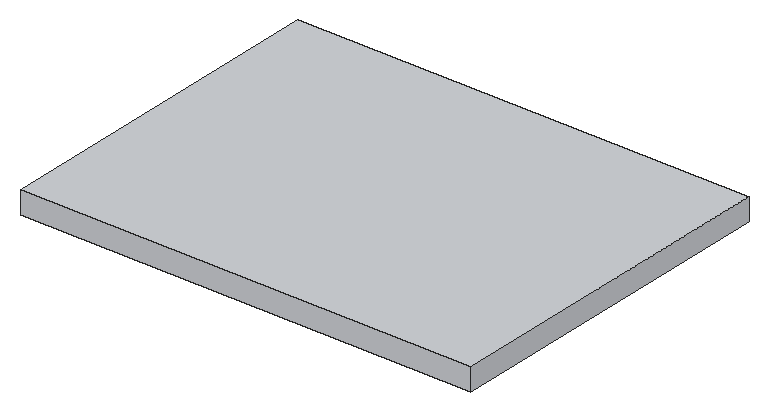
Revit family "GIS_Transformer_Base", category Modelos genéricos, Revit 2027
Family settings
  Pode hospedar o vergalhão = Não
  Cota do conector redondo = Utilizar diâmetro
  Tipo de parte = Normal
  Com base no plano de trabalho = Não
  Sempre na vertical = Sim
  Corte com vazios quando carregada = Não
  Manter orientação da anotação = Não
  Compartilhado = Não
  Ponto de cálculo do ambiente = Não
Parameters (values of type "TR_BASE_STUDY")
  Elevação padrão = 0 mm
  BIM_TensaoSecundaria_kV = 0
  BIM_TensaoNominal_kV = 0
  BIM_TensaoClasse_kV = 0
  BIM_TensaoClasseSecundaria_kV = 0
  BIM_TensaoAuxiliarCA_kV = 0
  BIM_Sistema_Elemento [instance] = ""
  BIM_ReferenciaCatalogo = "Portfolio estimate; structural/geotechnical design pending"
  BIM_Profundidade = 5400 mm
  BIM_Potencia_MVA = 0
  BIM_Localizacao [instance] = ""
  BIM_Largura = 7000 mm
  BIM_Impedancia_pu = 0
  BIM_FonteGeometria = "Portfolio estimate; structural/geotechnical design pending"
  BIM_Fabricante = "NAO SELECIONADO"
  BIM_EstadoGeometria = "ESTIMATED"
  BIM_EstadoEspecificacao = "PREMISSA / NAO SELECIONADO"
  BIM_DescricaoEstudo = "Base de concreto conceitual; projeto estrutural e geotecnico pendentes."
  BIM_CorrenteReferenciaSecundaria_A = 0
  BIM_CorrenteNominal_A = 0
  BIM_Bay [instance] = ""
  BIM_AlturaCorpoPrincipal = 350 mm
  BIM_Altura = 350 mm
Reference planes
  plane 1 "Centro (Frente/Trás)": y = 0
  plane 2: z = 0
  plane 3 "Centro (Esquerda/Direita)": x = 0
  plane 4 "BIM Left": x = -3500
  plane 5 "BIM Right": x = 3500
  plane 6 "BIM Front": y = -2700
  plane 7 "BIM Back": y = 2700
Forms (mm)
  Extrusion 1, solid
    sketch origin (0, 0, 0) x (1, 0, 0) y (0, 1, 0)
      loop
        line (-3500, -2700) -> (3500, -2700) -> (3500, 2700) -> (-3500, 2700) -> (-3500, -2700)
    from 0 to 350 <- "BIM_AlturaCorpoPrincipal"
Dimensions and locks
  "BIM_Largura": plane 4 "BIM Left" to plane 5 "BIM Right"
  "BIM_Profundidade": plane 6 "BIM Front" to plane 7 "BIM Back"
  aligned and locked: level to plane 2
  aligned and locked: plane 4 "BIM Left" to Extrusion 1
  aligned and locked: Extrusion 1 to plane 5 "BIM Right"
  aligned and locked: Extrusion 1 to plane 6 "BIM Front"
  aligned and locked: plane 7 "BIM Back" to Extrusion 1
Automatic sketch dimensions
  Extrusion 1 sketch curve to plane 4 "BIM Left" = 0 mm
  Extrusion 1 sketch curve to plane 5 "BIM Right" = 0 mm
  Extrusion 1 sketch curve to plane 6 "BIM Front" = 0 mm
  Extrusion 1 sketch curve to plane 7 "BIM Back" = 0 mm
